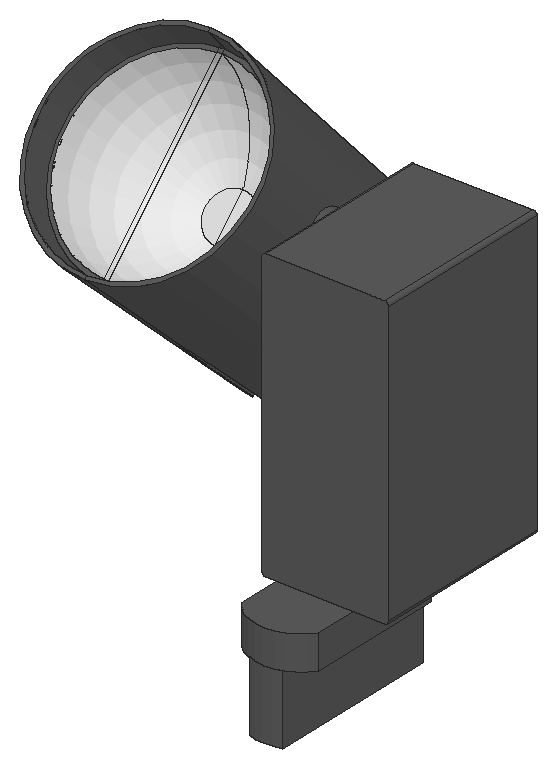
Revit family "0004838 Feilo Sylvania Lighting Fixture START TRACK SPOT S 24W 3K RA80 NB BLACK", category Lighting Fixtures, host Face, Revit 2017
Family settings
  Host = Face
  Round Connector Dimension = Use Diameter
  Part Type = Normal
  OmniClass Number = 23.80.70.00
  OmniClass Title = Lighting
  Cut with Voids When Loaded = No
  Light Source = No
  Shared = No
  Room Calculation Point = No
Parameters (values of type "0004838 START TRACK SPOT S 24W 3K RA80 NB BLACK")
  Weight = "0.966 kg"
  Wattage Comments = ""
  WarrantyStartDate [instance] = "n/a"
  WarrantyGuarantorParts = "n/a"
  WarrantyDurationUnit = "n/a"
  WarrantyDurationParts = "n/a"
  WarrantyDescription = "n/a"
  Voltage = 230 V
  URL = "http://www.sylvania-lighting.com"
  TypeName = "START TRACK SPOT S 24W 3K RA80 NB BLACK"
  TypeHead_FEILO = Start Track Spot Head : 0004838 START TRACK SPOT S 24W 3K RA80 NB BLACK
  TypeBox_FEILO = Start Track Spot Box : Type Small Black
  Type Image = <None>
  Type Comments = "n/a"
  VerticalRotation_FEILO [instance] = 0.00°
  SlideEndAngle_FEILO [instance] = VerticalRotation_FEILO + 180.00°  # 180.00°
  SerialNumber [instance] = "n/a"
  Material_3_FEILO = none
  PowerFactor = 0.95
  PowerConsumption = "24 W"
  NominalLength = 0 mm
  NominalHeight = 200 mm
  NominalDepth = 140 mm
  Name = "START TRACK SPOT S 24W 3K RA80 NB BLACK"
  ModelReference = Name  # "START TRACK SPOT S 24W 3K RA80 NB BLACK"
  ModelNumber = "0004838"
  Model = Name  # "START TRACK SPOT S 24W 3K RA80 NB BLACK"
  Material = "adc12 aluminium housing, polycarbonate diffuser"
  ManufacturerName = "Feilo Sylvania"
  Manufacturer = "Feilo Sylvania"
  LuminousEfficacy = "97 lm/W"
  LuminaireType = ""
  LightOutputRatio = "100"
  LampsType = Lamp  # "LED"
  LampNominalLuminous = "2334 lm"
  LampMacAdamStep = "3"
  LampColourTemperature = "3000 K"
  LampColourRenderingIndex = "80"
  Lamp = "LED"
  Keynote = "16500"
  InstallationDate [instance] = "n/a"
  InputVoltage = "230-240V~"
  InputNominalFrequency = "50/60 Hz"
  IngressProtection = "IP20"
  ImpactProtectionIndex = "IK02"
  IfcExportType = "IfcLightFixtureType"
  IfcExportAs = "IfcLightFixtureType"
  HorizontalRotation_FEILO [instance] = 45.00°
  ExpectedLife = 50000
  ElectricShockClassification = "Class II"
  DurationUnit = "hours"
  DocumentationLiterature = "http://www.sylvania-lighting.com/product/en-int/products/0004838"
  DimmingControlOptions = "Non dimmable"
  Material_2_FEILO = none
  Description = "Integrated LED spotlight, Textured Black - RAL9005, compact and minimalist design, ideal for retail applications, die-cast aluminium body, passive cooling heatsink. Beam angle: 12°, color temperature: 3000K , total system power: 24W, total fixture output: 2334 lm, LOR: 100%, colour rendering: Ra: 80 typical, LED Chromaticity: 3 step MacAdam ellipse, lifetime: >50000 hours at L70B50, energy class: A++, A+, A, IR/UV free light source without heat radiation, operating voltage: 220-240V / 50-60Hz, drive current: 600mA, electronic driver, non-dimmable, power factor: 0.95, electrical protection: Class II, Global Track 3 Phase adapter suitable for Global trac 3-circuit tracks, ingress protection rating: IP20, suitable for internal environment only, horizontal rotation: 355°, vertical tilt: 90°, dimensions: Ø86x140x200, weight: 0.966kg."
  Default Elevation = 1219.2 mm
  CreatedOn = "12/12/2017"
  CreatedBy = ""
  Cost = 0
  built-in parameter 1114216 [instance] = (empty or 0)
  ClassificationValue = "EF_70_80"
  ClassificationName = "Uniclass2015"
  Material_1_FEILO = Body-Sylvania-StartTrackSpot-Black
  BarCode [instance] = "n/a"
  AssetType = "Fixed"
  AssetIdentifier [instance] = "n/a"
  Assembly Code = "D5020200"
  Apparent Load = 24 VA
  Material_4_FEILO = none
Reference planes
  plane 1 "Center (Front/Back)": y = 0
  plane 2: z = 0
  plane 3 "Center (Left/Right)": x = 0
  plane 4: x = 15
  plane 5: x = -15
  plane 6: y = 35
  plane 7: y = -35
  plane 8: z = 13
  plane 9: z = -27
  plane 10: x = 6.5
  plane 11: x = -6.5
  plane 12: y = 27
  plane 13: y = -27
  plane 14: y = 20
Forms (mm)
  Extrusion 1, solid, material "Body-Sylvania-StartTrackSpot-Black" <- "Material_1_FEILO"
    sketch origin (0, 0, 0) x (1, 0, 0) y (0, 1, 0)
      loop
        line (-15, 27) -> (-15, -27)
        arc (-15, -27) -> (0, -35) -> (15, -27) r 18.062
        line (15, -27) -> (15, 27)
        arc (15, 27) -> (0, 35) -> (-15, 27) r 18.062
    from 0 to 13
  Extrusion 2, solid, material "Body-Sylvania-StartTrackSpot-Black" <- "Material_1_FEILO"
    sketch origin (0, 0, 0) x (1, 0, 0) y (0, 1, 0)
      loop
        arc (6.5, 33.79) -> (0, 35) -> (-6.5, 33.79) r 18.062
        line (-6.5, 33.79) -> (-6.5, -33.79)
        arc (-6.5, -33.79) -> (0, -35) -> (6.5, -33.79) r 18.062
        line (6.5, -33.79) -> (6.5, 33.79)
    from 0 to -27
  Revolve 3, solid, not visible
    sketch origin (1524, 20, 1219.2) x (1, 0, 0) y (0, 0, 1)
      loop
        line (-1524, -1206.2) -> (-1524, -1191.285) -> (-1530.5, -1191.285) -> (-1530.5, -1206.2) -> (-1524, -1206.2)
      axis (-1524, -1191.285) -> (-1524, -1206.2)
    angle from 0 <- "VerticalRotation_FEILO" to 180 <- "SlideEndAngle_FEILO"
Cuts and joins
  joined: Extrusion 1, Extrusion 2
Dimensions and locks
  equal spacing: plane 10, plane 3 "Center (Left/Right)", plane 11
  equal spacing: plane 4, plane 3 "Center (Left/Right)", plane 5
  locked: plane 8 to plane 2 at 13
  locked: plane 8 to plane 9 at 40
  equal spacing: plane 13, plane 1 "Center (Front/Back)", plane 12
  locked: plane 12 to plane 6 at 8
  locked: plane 14 to plane 6 at 15
  locked: Revolve 3 sketch curve to plane 8 at 14.915
  aligned and locked: plane 2 to host face
  aligned and locked: level to host face
  aligned and locked: plane 5 to Extrusion 1 sketch curve  (x2)
  aligned and locked: plane 12 to Extrusion 1 sketch curve
  aligned and locked: plane 13 to Extrusion 1 sketch curve
  aligned and locked: plane 4 to Extrusion 1 sketch curve
  aligned and locked: Extrusion 1 to plane 8
  aligned and locked: Extrusion 1 to level
  aligned and locked: Extrusion 2 sketch curve to Extrusion 1  (x2)
  aligned and locked: Extrusion 2 sketch curve to plane 11
  aligned and locked: plane 10 to Extrusion 2 sketch curve
  aligned and locked: plane 9 to Extrusion 2
  aligned and locked: level to Extrusion 2
  aligned and locked: Revolve 3 sketch curve to plane 3 "Center (Left/Right)"  (x2)
  aligned and locked: plane 11 to Revolve 3 sketch curve
  aligned and locked: Revolve 3 sketch curve to plane 8
Automatic sketch dimensions
  host sketch curve to host sketch curve = 2438.4 mm  (x2)
  Extrusion 1 sketch curve to plane 3 "Center (Left/Right)" = 0 mm  (x2)
  Extrusion 1 sketch curve to plane 13 = 10.062 mm
  plane 12 to Extrusion 1 sketch curve = 10.062 mm
  Revolve 3 sketch curve to plane 3 "Center (Left/Right)" = 0 mm
  plane 9 to Revolve 3 sketch curve = 582.6 mm
  Revolve 3 sketch curve to Revolve 3 sketch curve = 2581.144 mm
Nested families
  nested 1: "Start Track Spot Head" at (-62, 20, 112.529) x (0, 0.7071, 0.7071) z (0, 0.7071, -0.7071), type <- "TypeHead_FEILO", type "0004838 START TRACK SPOT S 24W 3K RA80 NB BLACK"
    with built-in parameter 1114216 (empty or 0)
  nested 2: "Start Track Spot Box" at (8.5, 20, 73) x (-1, 0, 0) z (0, -1, 0), BoxStartAngle_FEILO <- "HorizontalRotation_FEILO", type <- "TypeBox_FEILO", type "Type Small Black"
    with BoxStartAngle_FEILO 45.00°, BoxEndAngle_FEILO -135.00°
Connectors
  electrical at (0, 0, 0), driven by "Apparent Load", driven by "PowerFactor", driven by "Voltage"
    settings: index 1, voltage 230 V, apparent load 24 VA, apparent load phase1 0 VA, apparent load phase2 0 VA, apparent load phase3 0 VA, power factor 0.95, load classification "Lighting", number of poles 1, system type 30, power factor state 1, is connector primary yes, connector utility no, sub classification motor no, connector description ""
Definition of nested family "Start Track Spot Head"
  Parameters (values of type "0004811 START TRACK SPOT S 14W 3K RA80 NB WHITE")
    Wattage Comments = "n/a"
    Wattage = 14 W
    built-in parameter 1150110 = 1 (stored number, unit not read)
    URL = "http://www.feilosylvania.com"
    Type Image = (empty or 0)
    Type Comments = "n/a"
    built-in parameter 1114217 = 1 (stored number, unit not read)
    Tilt Angle = -90.00°
    built-in parameter 1150109 = 1 (stored number, unit not read)
    built-in parameter 1150134 = (empty or 0)
    built-in parameter 1150113 = 1 (stored number, unit not read)
    Photometric Web File = "0004811.ies"
    Material_3_FEILO = none
    Model = "START TRACK SPOT S 14W 3K RA80 NB WHITE"
    Manufacturer = "Feilo Sylvania"
    built-in parameter 1150105 = 123.66 (stored number, unit not read)
    Lumens = 1554 lm
    built-in parameter 1150115 = 1 (stored number, unit not read)
    built-in parameter 1150137 = (empty or 0)
    built-in parameter 1150139 = (empty or 0)
    built-in parameter 1150112 = 1 (stored number, unit not read)
    built-in parameter 1150114 = 1 (stored number, unit not read)
    Lamp = "LED"
    Keynote = "16500"
    Material_2_FEILO = none
    built-in parameter 1150132 = (empty or 0)
    built-in parameter 1150102 = (empty or 0)
    built-in parameter 1150107 = 3000 (stored number, unit not read)
    built-in parameter 1150138 = (empty or 0)
    built-in parameter 1150106 = 1.2366 (stored number, unit not read)
    HeadThickness_FEILO = if(HeadDiaOut_FEILO > 112 mm, 2 mm, 1.5 mm)  # 1.5 mm
    HeadRibOffset_FEILO = HeadHeight_FEILO / 28  # 4.179 mm
    HeadRibDepth_FEILO = HeadHeight_FEILO / 2.1  # 55.714 mm
    HeadRibCutWidth_FEILO = HeadDiaOut_FEILO / 12  # 7.167 mm
    HeadRibCutOffset_FEILO = HeadHeight_FEILO / 2.3  # 50.87 mm
    HeadReflectorRadius_FEILO = HeadDiaOut_FEILO / 1.7  # 50.588 mm
    HeadReflectorOffset_FEILO = HeadHeight_FEILO / 2.1  # 55.714 mm
    HeadLEDRadius_FEILO = HeadDiaOut_FEILO / 9  # 9.556 mm
    HeadHeight_FEILO = 117 mm
    HeadDraft_FEILO = 1 mm
    HeadDiffusorThickness_FEILO = 3 mm
    HeadDiffusorOffset_FEILO = HeadHeight_FEILO / 12.4  # 9.435 mm
    HeadDiaOut_FEILO = 86 mm
    HeadDiaIn_FEILO = HeadDiaOut_FEILO / 1.11  # 77.477 mm
    HeadAxisFromTop_FEILO = HeadHeight_FEILO / 1.687  # 69.354 mm
    Emit from Circle Diameter = HeadDiaIn_FEILO  # 77.477 mm
    Emit Shape Visible in Rendering = no
    built-in parameter 1150104 = 10.312 (stored number, unit not read)
    Dimming Lamp Color Temperature Shift = (empty or 0)
    Description = "Integrated LED spotlight, Textured White - RAL9016, compact and minimalist design, ideal for retail applications, die-cast aluminium body, passive cooling heatsink. Beam angle: 12°, color temperature: 3000K , total system power: 14W, total fixture output: 1551 lm, LOR: 100%, colour rendering: Ra: 80 typical, LED Chromaticity: 3 step MacAdam ellipse, lifetime: >50000 hours at L70B50, energy class: A++, A+, A, IR/UV free light source without heat radiation, operating voltage: 220-240V / 50-60Hz, drive current: 350mA, electronic driver, non-dimmable, power factor: 0.92, electrical protection: Class II, Global Track 3 Phase adapter suitable for Global trac 3-circuit tracks, ingress protection rating: IP20, suitable for internal environment only, horizontal rotation: 355°, vertical tilt: 90°, dimensions: Ø86x140x200, weight: 0.940kg."
    Default Elevation = 1219.2 mm
    Cost = 0
    Color Filter = 16777215
    built-in parameter 1114216 [instance] = (empty or 0)
    Material_1_FEILO = none
    built-in parameter 1114218 = 1 (stored number, unit not read)
    built-in parameter 1150133 = 10 (stored number, unit not read)
    Assembly Code = "D5020200"
    Apparent Load = 14 VA
    Material_4_FEILO = none
  Types (96, lengths in mm): name | Wattage | built-in parameter 1150134 | Photometric Web File | Model | built-in parameter 1150105 | Lumens | built-in parameter 1150107 | built-in parameter 1150106 | HeadThickness_FEILO | HeadRibOffset_FEILO | HeadRibDepth_FEILO | HeadRibCutWidth_FEILO | HeadRibCutOffset_FEILO | HeadReflectorRadius_FEILO | HeadReflectorOffset_FEILO | HeadLEDRadius_FEILO | HeadHeight_FEILO | HeadDiffusorOffset_FEILO | HeadDiaOut_FEILO | HeadDiaIn_FEILO | HeadAxisFromTop_FEILO | Emit from Circle Diameter | built-in parameter 1150104 | Description | Apparent Load
    0004906 START TRACK SPOT L 55W 4K RA90 WB BLACK | 55 W | 12 | "0004906.ies" | "START TRACK SPOT L 55W 4K RA90 WB BLACK" | 385.15 (stored number, unit not read) | 4840 lm | 4000 (stored number, unit not read) | 3.8515 (stored number, unit not read) | 2 | 4.429 | 59.048 | 9.417 | 53.913 | 66.471 | 59.048 | 12.556 | 124 | 10 | 113 | 101.802 | 73.503 | 101.802 | 8.1755 (stored number, unit not read) | "Integrated LED spotlight, Textured Black - RAL9005, compact and minimalist design, ideal for retail applications, die-cast aluminium body, passive cooling heatsink. Beam angle: 52°, color temperature: 4000K , total system power: 55W, total fixture output: 4824 lm, LOR: 100%, colour rendering: Ra: 90 typical, LED Chromaticity: 3 step MacAdam ellipse, lifetime: >50000 hours at L70B50, energy class: A++, A+, A, IR/UV free light source without heat radiation, operating voltage: 220-240V / 50-60Hz, drive current: 1400mA, electronic driver, non-dimmable, power factor: 0.96, electrical protection: Class II, Global Track 3 Phase adapter suitable for Global trac 3-circuit tracks, ingress protection rating: IP20, suitable for internal environment only, horizontal rotation: 355°, vertical tilt: 90°, dimensions: Ø113x164x240, weight: 1.398kg." | 55 VA
    0004905 START TRACK SPOT L 55W 4K RA90 MB BLACK | 55 W | 12 | "0004905.ies" | "START TRACK SPOT L 55W 4K RA90 MB BLACK" | 389.53 (stored number, unit not read) | 4895 lm | 4000 (stored number, unit not read) | 3.8953 (stored number, unit not read) | 2 | 4.429 | 59.048 | 9.417 | 53.913 | 66.471 | 59.048 | 12.556 | 124 | 10 | 113 | 101.802 | 73.503 | 101.802 | 8.2684 (stored number, unit not read) | "Integrated LED spotlight, Textured Black - RAL9005, compact and minimalist design, ideal for retail applications, die-cast aluminium body, passive cooling heatsink. Beam angle: 38°, color temperature: 4000K , total system power: 55W, total fixture output: 4897 lm, LOR: 100%, colour rendering: Ra: 90 typical, LED Chromaticity: 3 step MacAdam ellipse, lifetime: >50000 hours at L70B50, energy class: A++, A+, A, IR/UV free light source without heat radiation, operating voltage: 220-240V / 50-60Hz, drive current: 1400mA, electronic driver, non-dimmable, power factor: 0.96, electrical protection: Class II, Global Track 3 Phase adapter suitable for Global trac 3-circuit tracks, ingress protection rating: IP20, suitable for internal environment only, horizontal rotation: 355°, vertical tilt: 90°, dimensions: Ø113x164x240, weight: 1.398kg." | 55 VA
    0004904 START TRACK SPOT L 55W 4K RA90 NB BLACK | 55 W | 12 | "0004904.ies" | "START TRACK SPOT L 55W 4K RA90 NB BLACK" | 393.91 (stored number, unit not read) | 4950 lm | 4000 (stored number, unit not read) | 3.9391 (stored number, unit not read) | 2 | 4.429 | 59.048 | 9.417 | 53.913 | 66.471 | 59.048 | 12.556 | 124 | 10 | 113 | 101.802 | 73.503 | 101.802 | 8.3613 (stored number, unit not read) | "Integrated LED spotlight, Textured Black - RAL9005, compact and minimalist design, ideal for retail applications, die-cast aluminium body, passive cooling heatsink. Beam angle: 15°, color temperature: 4000K , total system power: 55W, total fixture output: 4965 lm, LOR: 100%, colour rendering: Ra: 90 typical, LED Chromaticity: 3 step MacAdam ellipse, lifetime: >50000 hours at L70B50, energy class: A++, A+, A, IR/UV free light source without heat radiation, operating voltage: 220-240V / 50-60Hz, drive current: 1400mA, electronic driver, non-dimmable, power factor: 0.96, electrical protection: Class II, Global Track 3 Phase adapter suitable for Global trac 3-circuit tracks, ingress protection rating: IP20, suitable for internal environment only, horizontal rotation: 355°, vertical tilt: 90°, dimensions: Ø113x164x240, weight: 1.398kg." | 55 VA
    0004903 START TRACK SPOT L 35W 4K RA90 WB BLACK | 35 W | 12 | "0004903.ies" | "START TRACK SPOT L 35W 4K RA90 WB BLACK" | 284.09 (stored number, unit not read) | 3570 lm | 4000 (stored number, unit not read) | 2.8409 (stored number, unit not read) | 2 | 4.429 | 59.048 | 9.417 | 53.913 | 66.471 | 59.048 | 12.556 | 124 | 10 | 113 | 101.802 | 73.503 | 101.802 | 9.4761 (stored number, unit not read) | "Integrated LED spotlight, Textured Black - RAL9005, compact and minimalist design, ideal for retail applications, die-cast aluminium body, passive cooling heatsink. Beam angle: 52°, color temperature: 4000K , total system power: 35W, total fixture output: 3562 lm, LOR: 100%, colour rendering: Ra: 90 typical, LED Chromaticity: 3 step MacAdam ellipse, lifetime: >50000 hours at L70B50, energy class: A++, A+, A, IR/UV free light source without heat radiation, operating voltage: 220-240V / 50-60Hz, drive current: 900mA, electronic driver, non-dimmable, power factor: 0.93, electrical protection: Class II, Global Track 3 Phase adapter suitable for Global trac 3-circuit tracks, ingress protection rating: IP20, suitable for internal environment only, horizontal rotation: 355°, vertical tilt: 90°, dimensions: Ø113x164x240, weight: 1.368kg." | 35 VA
    0004902 START TRACK SPOT L 35W 4K RA90 MB BLACK | 35 W | 12 | "0004902.ies" | "START TRACK SPOT L 35W 4K RA90 MB BLACK" | 286.88 (stored number, unit not read) | 3605 lm | 4000 (stored number, unit not read) | 2.8688 (stored number, unit not read) | 2 | 4.429 | 59.048 | 9.417 | 53.913 | 66.471 | 59.048 | 12.556 | 124 | 10 | 113 | 101.802 | 73.503 | 101.802 | 9.569 (stored number, unit not read) | "Integrated LED spotlight, Textured Black - RAL9005, compact and minimalist design, ideal for retail applications, die-cast aluminium body, passive cooling heatsink. Beam angle: 38°, color temperature: 4000K , total system power: 35W, total fixture output: 3616 lm, LOR: 100%, colour rendering: Ra: 90 typical, LED Chromaticity: 3 step MacAdam ellipse, lifetime: >50000 hours at L70B50, energy class: A++, A+, A, IR/UV free light source without heat radiation, operating voltage: 220-240V / 50-60Hz, drive current: 900mA, electronic driver, non-dimmable, power factor: 0.93, electrical protection: Class II, Global Track 3 Phase adapter suitable for Global trac 3-circuit tracks, ingress protection rating: IP20, suitable for internal environment only, horizontal rotation: 355°, vertical tilt: 90°, dimensions: Ø113x164x240, weight: 1.368kg." | 35 VA
    0004901 START TRACK SPOT L 35W 4K RA90 NB BLACK | 35 W | 12 | "0004901.ies" | "START TRACK SPOT L 35W 4K RA90 NB BLACK" | 286.88 (stored number, unit not read) | 3605 lm | 4000 (stored number, unit not read) | 2.8688 (stored number, unit not read) | 2 | 4.429 | 59.048 | 9.417 | 53.913 | 66.471 | 59.048 | 12.556 | 124 | 10 | 113 | 101.802 | 73.503 | 101.802 | 9.569 (stored number, unit not read) | "Integrated LED spotlight, Textured Black - RAL9005, compact and minimalist design, ideal for retail applications, die-cast aluminium body, passive cooling heatsink. Beam angle: 15°, color temperature: 4000K , total system power: 35W, total fixture output: 3593 lm, LOR: 100%, colour rendering: Ra: 90 typical, LED Chromaticity: 3 step MacAdam ellipse, lifetime: >50000 hours at L70B50, energy class: A++, A+, A, IR/UV free light source without heat radiation, operating voltage: 220-240V / 50-60Hz, drive current: 900mA, electronic driver, non-dimmable, power factor: 0.93, electrical protection: Class II, Global Track 3 Phase adapter suitable for Global trac 3-circuit tracks, ingress protection rating: IP20, suitable for internal environment only, horizontal rotation: 355°, vertical tilt: 90°, dimensions: Ø113x164x240, weight: 1.368kg." | 35 VA
    0004900 START TRACK SPOT S 24W 4K RA90 WB BLACK | 24 W | 12 | "0004900.ies" | "START TRACK SPOT S 24W 4K RA90 WB BLACK" | 166.16 (stored number, unit not read) | 2088 lm | 4000 (stored number, unit not read) | 1.6616 (stored number, unit not read) | 1.5 | 4.179 | 55.714 | 7.167 | 50.87 | 50.588 | 55.714 | 9.556 | 117 | 9.435 | 86 | 77.477 | 69.354 | 77.477 | 8.0826 (stored number, unit not read) | "Integrated LED spotlight, Textured Black - RAL9005, compact and minimalist design, ideal for retail applications, die-cast aluminium body, passive cooling heatsink. Beam angle: 64°, color temperature: 4000K , total system power: 24W, total fixture output: 2087 lm, LOR: 100%, colour rendering: Ra: 90 typical, LED Chromaticity: 3 step MacAdam ellipse, lifetime: >50000 hours at L70B50, energy class: A++, A+, A, IR/UV free light source without heat radiation, operating voltage: 220-240V / 50-60Hz, drive current: 600mA, electronic driver, non-dimmable, power factor: 0.95, electrical protection: Class II, Global Track 3 Phase adapter suitable for Global trac 3-circuit tracks, ingress protection rating: IP20, suitable for internal environment only, horizontal rotation: 355°, vertical tilt: 90°, dimensions: Ø86x140x200, weight: 0.966kg." | 24 VA
    0004899 START TRACK SPOT S 24W 4K RA90 MB BLACK | 24 W | 12 | "0004899.ies" | "START TRACK SPOT S 24W 4K RA90 MB BLACK" | 169.98 (stored number, unit not read) | 2136 lm | 4000 (stored number, unit not read) | 1.6998 (stored number, unit not read) | 1.5 | 4.179 | 55.714 | 7.167 | 50.87 | 50.588 | 55.714 | 9.556 | 117 | 9.435 | 86 | 77.477 | 69.354 | 77.477 | 8.2684 (stored number, unit not read) | "Integrated LED spotlight, Textured Black - RAL9005, compact and minimalist design, ideal for retail applications, die-cast aluminium body, passive cooling heatsink. Beam angle: 36°, color temperature: 4000K , total system power: 24W, total fixture output: 2141 lm, LOR: 100%, colour rendering: Ra: 90 typical, LED Chromaticity: 3 step MacAdam ellipse, lifetime: >50000 hours at L70B50, energy class: A++, A+, A, IR/UV free light source without heat radiation, operating voltage: 220-240V / 50-60Hz, drive current: 600mA, electronic driver, non-dimmable, power factor: 0.95, electrical protection: Class II, Global Track 3 Phase adapter suitable for Global trac 3-circuit tracks, ingress protection rating: IP20, suitable for internal environment only, horizontal rotation: 355°, vertical tilt: 90°, dimensions: Ø86x140x200, weight: 0.966kg." | 24 VA
    0004898 START TRACK SPOT S 24W 4K RA90 NB BLACK | 24 W | 12 | "0004898.ies" | "START TRACK SPOT S 24W 4K RA90 NB BLACK" | 171.89 (stored number, unit not read) | 2160 lm | 4000 (stored number, unit not read) | 1.7189 (stored number, unit not read) | 1.5 | 4.179 | 55.714 | 7.167 | 50.87 | 50.588 | 55.714 | 9.556 | 117 | 9.435 | 86 | 77.477 | 69.354 | 77.477 | 8.3613 (stored number, unit not read) | "Integrated LED spotlight, Textured Black - RAL9005, compact and minimalist design, ideal for retail applications, die-cast aluminium body, passive cooling heatsink. Beam angle: 12°, color temperature: 4000K , total system power: 24W, total fixture output: 2155 lm, LOR: 100%, colour rendering: Ra: 90 typical, LED Chromaticity: 3 step MacAdam ellipse, lifetime: >50000 hours at L70B50, energy class: A++, A+, A, IR/UV free light source without heat radiation, operating voltage: 220-240V / 50-60Hz, drive current: 600mA, electronic driver, non-dimmable, power factor: 0.95, electrical protection: Class II, Global Track 3 Phase adapter suitable for Global trac 3-circuit tracks, ingress protection rating: IP20, suitable for internal environment only, horizontal rotation: 355°, vertical tilt: 90°, dimensions: Ø86x140x200, weight: 0.966kg." | 24 VA
    0004897 START TRACK SPOT S 14W 4K RA90 WB BLACK | 14 W | 12 | "0004897.ies" | "START TRACK SPOT S 14W 4K RA90 WB BLACK" | 108.07 (stored number, unit not read) | 1358 lm | 4000 (stored number, unit not read) | 1.0807 (stored number, unit not read) | 1.5 | 4.179 | 55.714 | 7.167 | 50.87 | 50.588 | 55.714 | 9.556 | 117 | 9.435 | 86 | 77.477 | 69.354 | 77.477 | 9.0116 (stored number, unit not read) | "Integrated LED spotlight, Textured Black - RAL9005, compact and minimalist design, ideal for retail applications, die-cast aluminium body, passive cooling heatsink. Beam angle: 64°, color temperature: 4000K , total system power: 14W, total fixture output: 1352 lm, LOR: 100%, colour rendering: Ra: 90 typical, LED Chromaticity: 3 step MacAdam ellipse, lifetime: >50000 hours at L70B50, energy class: A++, A+, A, IR/UV free light source without heat radiation, operating voltage: 220-240V / 50-60Hz, drive current: 350mA, electronic driver, non-dimmable, power factor: 0.92, electrical protection: Class II, Global Track 3 Phase adapter suitable for Global trac 3-circuit tracks, ingress protection rating: IP20, suitable for internal environment only, horizontal rotation: 355°, vertical tilt: 90°, dimensions: Ø86x140x200, weight: 0.940kg." | 14 VA
    0004896 START TRACK SPOT S 14W 4K RA90 MB BLACK | 14 W | 12 | "0004896.ies" | "START TRACK SPOT S 14W 4K RA90 MB BLACK" | 108.07 (stored number, unit not read) | 1358 lm | 4000 (stored number, unit not read) | 1.0807 (stored number, unit not read) | 1.5 | 4.179 | 55.714 | 7.167 | 50.87 | 50.588 | 55.714 | 9.556 | 117 | 9.435 | 86 | 77.477 | 69.354 | 77.477 | 9.0116 (stored number, unit not read) | "Integrated LED spotlight, Textured Black - RAL9005, compact and minimalist design, ideal for retail applications, die-cast aluminium body, passive cooling heatsink. Beam angle: 36°, color temperature: 4000K , total system power: 14W, total fixture output: 1359 lm, LOR: 100%, colour rendering: Ra: 90 typical, LED Chromaticity: 3 step MacAdam ellipse, lifetime: >50000 hours at L70B50, energy class: A++, A+, A, IR/UV free light source without heat radiation, operating voltage: 220-240V / 50-60Hz, drive current: 350mA, electronic driver, non-dimmable, power factor: 0.92, electrical protection: Class II, Global Track 3 Phase adapter suitable for Global trac 3-circuit tracks, ingress protection rating: IP20, suitable for internal environment only, horizontal rotation: 355°, vertical tilt: 90°, dimensions: Ø86x140x200, weight: 0.940kg." | 14 VA
    0004895 START TRACK SPOT S 14W 4K RA90 NB BLACK | 14 W | 12 | "0004895.ies" | "START TRACK SPOT S 14W 4K RA90 NB BLACK" | 106.95 (stored number, unit not read) | 1344 lm | 4000 (stored number, unit not read) | 1.0695 (stored number, unit not read) | 1.5 | 4.179 | 55.714 | 7.167 | 50.87 | 50.588 | 55.714 | 9.556 | 117 | 9.435 | 86 | 77.477 | 69.354 | 77.477 | 8.9187 (stored number, unit not read) | "Integrated LED spotlight, Textured Black - RAL9005, compact and minimalist design, ideal for retail applications, die-cast aluminium body, passive cooling heatsink. Beam angle: 12°, color temperature: 4000K , total system power: 14W, total fixture output: 1349 lm, LOR: 100%, colour rendering: Ra: 90 typical, LED Chromaticity: 3 step MacAdam ellipse, lifetime: >50000 hours at L70B50, energy class: A++, A+, A, IR/UV free light source without heat radiation, operating voltage: 220-240V / 50-60Hz, drive current: 350mA, electronic driver, non-dimmable, power factor: 0.92, electrical protection: Class II, Global Track 3 Phase adapter suitable for Global trac 3-circuit tracks, ingress protection rating: IP20, suitable for internal environment only, horizontal rotation: 355°, vertical tilt: 90°, dimensions: Ø86x140x200, weight: 0.940kg." | 14 VA
    0004894 START TRACK SPOT L 55W 3K RA90 WB BLACK | 55 W | (empty or 0) | "0004894.ies" | "START TRACK SPOT L 55W 3K RA90 WB BLACK" | 350.14 (stored number, unit not read) | 4400 lm | 3000 (stored number, unit not read) | 3.5014 (stored number, unit not read) | 2 | 4.429 | 59.048 | 9.417 | 53.913 | 66.471 | 59.048 | 12.556 | 124 | 10 | 113 | 101.802 | 73.503 | 101.802 | 7.4322 (stored number, unit not read) | "Integrated LED spotlight, Textured Black - RAL9005, compact and minimalist design, ideal for retail applications, die-cast aluminium body, passive cooling heatsink. Beam angle: 52°, color temperature: 3000K , total system power: 55W, total fixture output: 4405 lm, LOR: 100%, colour rendering: Ra: 90 typical, LED Chromaticity: 3 step MacAdam ellipse, lifetime: >50000 hours at L70B50, energy class: A++, A+, A, IR/UV free light source without heat radiation, operating voltage: 220-240V / 50-60Hz, drive current: 1400mA, electronic driver, non-dimmable, power factor: 0.96, electrical protection: Class II, Global Track 3 Phase adapter suitable for Global trac 3-circuit tracks, ingress protection rating: IP20, suitable for internal environment only, horizontal rotation: 355°, vertical tilt: 90°, dimensions: Ø113x164x240, weight: 1.398kg." | 55 VA
    0004893 START TRACK SPOT L 55W 3K RA90 MB BLACK | 55 W | (empty or 0) | "0004893.ies" | "START TRACK SPOT L 55W 3K RA90 MB BLACK" | 354.52 (stored number, unit not read) | 4455 lm | 3000 (stored number, unit not read) | 3.5452 (stored number, unit not read) | 2 | 4.429 | 59.048 | 9.417 | 53.913 | 66.471 | 59.048 | 12.556 | 124 | 10 | 113 | 101.802 | 73.503 | 101.802 | 7.5251 (stored number, unit not read) | "Integrated LED spotlight, Textured Black - RAL9005, compact and minimalist design, ideal for retail applications, die-cast aluminium body, passive cooling heatsink. Beam angle: 38°, color temperature: 3000K , total system power: 55W, total fixture output: 4448 lm, LOR: 100%, colour rendering: Ra: 90 typical, LED Chromaticity: 3 step MacAdam ellipse, lifetime: >50000 hours at L70B50, energy class: A++, A+, A, IR/UV free light source without heat radiation, operating voltage: 220-240V / 50-60Hz, drive current: 1400mA, electronic driver, non-dimmable, power factor: 0.96, electrical protection: Class II, Global Track 3 Phase adapter suitable for Global trac 3-circuit tracks, ingress protection rating: IP20, suitable for internal environment only, horizontal rotation: 355°, vertical tilt: 90°, dimensions: Ø113x164x240, weight: 1.398kg." | 55 VA
    0004892 START TRACK SPOT L 55W 3K RA90 NB BLACK | 55 W | (empty or 0) | "0004892.ies" | "START TRACK SPOT L 55W 3K RA90 NB BLACK" | 350.14 (stored number, unit not read) | 4400 lm | 3000 (stored number, unit not read) | 3.5014 (stored number, unit not read) | 2 | 4.429 | 59.048 | 9.417 | 53.913 | 66.471 | 59.048 | 12.556 | 124 | 10 | 113 | 101.802 | 73.503 | 101.802 | 7.4322 (stored number, unit not read) | "Integrated LED spotlight, Textured Black - RAL9005, compact and minimalist design, ideal for retail applications, die-cast aluminium body, passive cooling heatsink. Beam angle: 15°, color temperature: 3000K , total system power: 55W, total fixture output: 4416 lm, LOR: 100%, colour rendering: Ra: 90 typical, LED Chromaticity: 3 step MacAdam ellipse, lifetime: >50000 hours at L70B50, energy class: A++, A+, A, IR/UV free light source without heat radiation, operating voltage: 220-240V / 50-60Hz, drive current: 1400mA, electronic driver, non-dimmable, power factor: 0.96, electrical protection: Class II, Global Track 3 Phase adapter suitable for Global trac 3-circuit tracks, ingress protection rating: IP20, suitable for internal environment only, horizontal rotation: 355°, vertical tilt: 90°, dimensions: Ø113x164x240, weight: 1.398kg." | 55 VA
    0004891 START TRACK SPOT L 35W 3K RA90 WB BLACK | 35 W | (empty or 0) | "0004891.ies" | "START TRACK SPOT L 35W 3K RA90 WB BLACK" | 259.02 (stored number, unit not read) | 3255 lm | 3000 (stored number, unit not read) | 2.5902 (stored number, unit not read) | 2 | 4.429 | 59.048 | 9.417 | 53.913 | 66.471 | 59.048 | 12.556 | 124 | 10 | 113 | 101.802 | 73.503 | 101.802 | 8.64 (stored number, unit not read) | "Integrated LED spotlight, Textured Black - RAL9005, compact and minimalist design, ideal for retail applications, die-cast aluminium body, passive cooling heatsink. Beam angle: 52°, color temperature: 3000K , total system power: 35W, total fixture output: 3260 lm, LOR: 100%, colour rendering: Ra: 90 typical, LED Chromaticity: 3 step MacAdam ellipse, lifetime: >50000 hours at L70B50, energy class: A++, A+, A, IR/UV free light source without heat radiation, operating voltage: 220-240V / 50-60Hz, drive current: 900mA, electronic driver, non-dimmable, power factor: 0.93, electrical protection: Class II, Global Track 3 Phase adapter suitable for Global trac 3-circuit tracks, ingress protection rating: IP20, suitable for internal environment only, horizontal rotation: 355°, vertical tilt: 90°, dimensions: Ø113x164x240, weight: 1.368kg." | 35 VA
    0004890 START TRACK SPOT L 35W 3K RA90 MB BLACK | 35 W | (empty or 0) | "0004890.ies" | "START TRACK SPOT L 35W 3K RA90 MB BLACK" | 261.81 (stored number, unit not read) | 3290 lm | 3000 (stored number, unit not read) | 2.6181 (stored number, unit not read) | 2 | 4.429 | 59.048 | 9.417 | 53.913 | 66.471 | 59.048 | 12.556 | 124 | 10 | 113 | 101.802 | 73.503 | 101.802 | 8.7329 (stored number, unit not read) | "Integrated LED spotlight, Textured Black - RAL9005, compact and minimalist design, ideal for retail applications, die-cast aluminium body, passive cooling heatsink. Beam angle: 38°, color temperature: 3000K , total system power: 35W, total fixture output: 3306 lm, LOR: 100%, colour rendering: Ra: 90 typical, LED Chromaticity: 3 step MacAdam ellipse, lifetime: >50000 hours at L70B50, energy class: A++, A+, A, IR/UV free light source without heat radiation, operating voltage: 220-240V / 50-60Hz, drive current: 900mA, electronic driver, non-dimmable, power factor: 0.93, electrical protection: Class II, Global Track 3 Phase adapter suitable for Global trac 3-circuit tracks, ingress protection rating: IP20, suitable for internal environment only, horizontal rotation: 355°, vertical tilt: 90°, dimensions: Ø113x164x240, weight: 1.368kg." | 35 VA
    0004889 START TRACK SPOT L 35W 3K RA90 NB BLACK | 35 W | (empty or 0) | "0004889.ies" | "START TRACK SPOT L 35W 3K RA90 NB BLACK" | 261.81 (stored number, unit not read) | 3290 lm | 3000 (stored number, unit not read) | 2.6181 (stored number, unit not read) | 2 | 4.429 | 59.048 | 9.417 | 53.913 | 66.471 | 59.048 | 12.556 | 124 | 10 | 113 | 101.802 | 73.503 | 101.802 | 8.7329 (stored number, unit not read) | "Integrated LED spotlight, Textured Black - RAL9005, compact and minimalist design, ideal for retail applications, die-cast aluminium body, passive cooling heatsink. Beam angle: 15°, color temperature: 3000K , total system power: 35W, total fixture output: 3287 lm, LOR: 100%, colour rendering: Ra: 90 typical, LED Chromaticity: 3 step MacAdam ellipse, lifetime: >50000 hours at L70B50, energy class: A++, A+, A, IR/UV free light source without heat radiation, operating voltage: 220-240V / 50-60Hz, drive current: 900mA, electronic driver, non-dimmable, power factor: 0.93, electrical protection: Class II, Global Track 3 Phase adapter suitable for Global trac 3-circuit tracks, ingress protection rating: IP20, suitable for internal environment only, horizontal rotation: 355°, vertical tilt: 90°, dimensions: Ø113x164x240, weight: 1.368kg." | 35 VA
    0004888 START TRACK SPOT S 24W 3K RA90 WB BLACK | 24 W | (empty or 0) | "0004888.ies" | "START TRACK SPOT S 24W 3K RA90 WB BLACK" | 152.79 (stored number, unit not read) | 1920 lm | 3000 (stored number, unit not read) | 1.5279 (stored number, unit not read) | 1.5 | 4.179 | 55.714 | 7.167 | 50.87 | 50.588 | 55.714 | 9.556 | 117 | 9.435 | 86 | 77.477 | 69.354 | 77.477 | 7.4322 (stored number, unit not read) | "Integrated LED spotlight, Textured Black - RAL9005, compact and minimalist design, ideal for retail applications, die-cast aluminium body, passive cooling heatsink. Beam angle: 64°, color temperature: 3000K , total system power: 24W, total fixture output: 1928 lm, LOR: 100%, colour rendering: Ra: 90 typical, LED Chromaticity: 3 step MacAdam ellipse, lifetime: >50000 hours at L70B50, energy class: A++, A+, A, IR/UV free light source without heat radiation, operating voltage: 220-240V / 50-60Hz, drive current: 600mA, electronic driver, non-dimmable, power factor: 0.95, electrical protection: Class II, Global Track 3 Phase adapter suitable for Global trac 3-circuit tracks, ingress protection rating: IP20, suitable for internal environment only, horizontal rotation: 355°, vertical tilt: 90°, dimensions: Ø86x140x200, weight: 0.966kg." | 24 VA
    0004887 START TRACK SPOT S 24W 3K RA90 MB BLACK | 24 W | (empty or 0) | "0004887.ies" | "START TRACK SPOT S 24W 3K RA90 MB BLACK" | 154.7 (stored number, unit not read) | 1944 lm | 3000 (stored number, unit not read) | 1.547 (stored number, unit not read) | 1.5 | 4.179 | 55.714 | 7.167 | 50.87 | 50.588 | 55.714 | 9.556 | 117 | 9.435 | 86 | 77.477 | 69.354 | 77.477 | 7.5251 (stored number, unit not read) | "Integrated LED spotlight, Textured Black - RAL9005, compact and minimalist design, ideal for retail applications, die-cast aluminium body, passive cooling heatsink. Beam angle: 36°, color temperature: 3000K , total system power: 24W, total fixture output: 1944 lm, LOR: 100%, colour rendering: Ra: 90 typical, LED Chromaticity: 3 step MacAdam ellipse, lifetime: >50000 hours at L70B50, energy class: A++, A+, A, IR/UV free light source without heat radiation, operating voltage: 220-240V / 50-60Hz, drive current: 600mA, electronic driver, non-dimmable, power factor: 0.95, electrical protection: Class II, Global Track 3 Phase adapter suitable for Global trac 3-circuit tracks, ingress protection rating: IP20, suitable for internal environment only, horizontal rotation: 355°, vertical tilt: 90°, dimensions: Ø86x140x200, weight: 0.966kg." | 24 VA
    0004886 START TRACK SPOT S 24W 3K RA90 NB BLACK | 24 W | (empty or 0) | "0004886.ies" | "START TRACK SPOT S 24W 3K RA90 NB BLACK" | 158.52 (stored number, unit not read) | 1992 lm | 3000 (stored number, unit not read) | 1.5852 (stored number, unit not read) | 1.5 | 4.179 | 55.714 | 7.167 | 50.87 | 50.588 | 55.714 | 9.556 | 117 | 9.435 | 86 | 77.477 | 69.354 | 77.477 | 7.711 (stored number, unit not read) | "Integrated LED spotlight, Textured Black - RAL9005, compact and minimalist design, ideal for retail applications, die-cast aluminium body, passive cooling heatsink. Beam angle: 12°, color temperature: 3000K , total system power: 24W, total fixture output: 1987 lm, LOR: 100%, colour rendering: Ra: 90 typical, LED Chromaticity: 3 step MacAdam ellipse, lifetime: >50000 hours at L70B50, energy class: A++, A+, A, IR/UV free light source without heat radiation, operating voltage: 220-240V / 50-60Hz, drive current: 600mA, electronic driver, non-dimmable, power factor: 0.95, electrical protection: Class II, Global Track 3 Phase adapter suitable for Global trac 3-circuit tracks, ingress protection rating: IP20, suitable for internal environment only, horizontal rotation: 355°, vertical tilt: 90°, dimensions: Ø86x140x200, weight: 0.966kg." | 24 VA
    0004885 START TRACK SPOT S 14W 3K RA90 WB BLACK | 14 W | (empty or 0) | "0004885.ies" | "START TRACK SPOT S 14W 3K RA90 WB BLACK" | 100.27 (stored number, unit not read) | 1260 lm | 3000 (stored number, unit not read) | 1.0027 (stored number, unit not read) | 1.5 | 4.179 | 55.714 | 7.167 | 50.87 | 50.588 | 55.714 | 9.556 | 117 | 9.435 | 86 | 77.477 | 69.354 | 77.477 | 8.3613 (stored number, unit not read) | "Integrated LED spotlight, Textured Black - RAL9005, compact and minimalist design, ideal for retail applications, die-cast aluminium body, passive cooling heatsink. Beam angle: 64°, color temperature: 3000K , total system power: 14W, total fixture output: 1262 lm, LOR: 100%, colour rendering: Ra: 90 typical, LED Chromaticity: 3 step MacAdam ellipse, lifetime: >50000 hours at L70B50, energy class: A++, A+, A, IR/UV free light source without heat radiation, operating voltage: 220-240V / 50-60Hz, drive current: 350mA, electronic driver, non-dimmable, power factor: 0.92, electrical protection: Class II, Global Track 3 Phase adapter suitable for Global trac 3-circuit tracks, ingress protection rating: IP20, suitable for internal environment only, horizontal rotation: 355°, vertical tilt: 90°, dimensions: Ø86x140x200, weight: 0.940kg." | 14 VA
    0004884 START TRACK SPOT S 14W 3K RA90 MB BLACK | 14 W | (empty or 0) | "0004884.ies" | "START TRACK SPOT S 14W 3K RA90 MB BLACK" | 100.27 (stored number, unit not read) | 1260 lm | 3000 (stored number, unit not read) | 1.0027 (stored number, unit not read) | 1.5 | 4.179 | 55.714 | 7.167 | 50.87 | 50.588 | 55.714 | 9.556 | 117 | 9.435 | 86 | 77.477 | 69.354 | 77.477 | 8.3613 (stored number, unit not read) | "Integrated LED spotlight, Textured Black - RAL9005, compact and minimalist design, ideal for retail applications, die-cast aluminium body, passive cooling heatsink. Beam angle: 36°, color temperature: 3000K , total system power: 14W, total fixture output: 1262 lm, LOR: 100%, colour rendering: Ra: 90 typical, LED Chromaticity: 3 step MacAdam ellipse, lifetime: >50000 hours at L70B50, energy class: A++, A+, A, IR/UV free light source without heat radiation, operating voltage: 220-240V / 50-60Hz, drive current: 350mA, electronic driver, non-dimmable, power factor: 0.92, electrical protection: Class II, Global Track 3 Phase adapter suitable for Global trac 3-circuit tracks, ingress protection rating: IP20, suitable for internal environment only, horizontal rotation: 355°, vertical tilt: 90°, dimensions: Ø86x140x200, weight: 0.940kg." | 14 VA
    0004883 START TRACK SPOT S 14W 3K RA90 NB BLACK | 14 W | (empty or 0) | "0004883.ies" | "START TRACK SPOT S 14W 3K RA90 NB BLACK" | 102.5 (stored number, unit not read) | 1288 lm | 3000 (stored number, unit not read) | 1.025 (stored number, unit not read) | 1.5 | 4.179 | 55.714 | 7.167 | 50.87 | 50.588 | 55.714 | 9.556 | 117 | 9.435 | 86 | 77.477 | 69.354 | 77.477 | 8.5471 (stored number, unit not read) | "Integrated LED spotlight, Textured Black - RAL9005, compact and minimalist design, ideal for retail applications, die-cast aluminium body, passive cooling heatsink. Beam angle: 12°, color temperature: 3000K , total system power: 14W, total fixture output: 1284 lm, LOR: 100%, colour rendering: Ra: 90 typical, LED Chromaticity: 3 step MacAdam ellipse, lifetime: >50000 hours at L70B50, energy class: A++, A+, A, IR/UV free light source without heat radiation, operating voltage: 220-240V / 50-60Hz, drive current: 350mA, electronic driver, non-dimmable, power factor: 0.92, electrical protection: Class II, Global Track 3 Phase adapter suitable for Global trac 3-circuit tracks, ingress protection rating: IP20, suitable for internal environment only, horizontal rotation: 355°, vertical tilt: 90°, dimensions: Ø86x140x200, weight: 0.940kg." | 14 VA
    0004882 START TRACK SPOT L 55W 4K RA90 WB WHITE | 55 W | 12 | "0004882.ies" | "START TRACK SPOT L 55W 4K RA90 WB WHITE" | 385.15 (stored number, unit not read) | 4840 lm | 4000 (stored number, unit not read) | 3.8515 (stored number, unit not read) | 2 | 4.429 | 59.048 | 9.417 | 53.913 | 66.471 | 59.048 | 12.556 | 124 | 10 | 113 | 101.802 | 73.503 | 101.802 | 8.1755 (stored number, unit not read) | "Integrated LED spotlight, Textured White - RAL9016, compact and minimalist design, ideal for retail applications, die-cast aluminium body, passive cooling heatsink. Beam angle: 52°, color temperature: 4000K , total system power: 55W, total fixture output: 4824 lm, LOR: 100%, colour rendering: Ra: 90 typical, LED Chromaticity: 3 step MacAdam ellipse, lifetime: >50000 hours at L70B50, energy class: A++, A+, A, IR/UV free light source without heat radiation, operating voltage: 220-240V / 50-60Hz, drive current: 1400mA, electronic driver, non-dimmable, power factor: 0.96, electrical protection: Class II, Global Track 3 Phase adapter suitable for Global trac 3-circuit tracks, ingress protection rating: IP20, suitable for internal environment only, horizontal rotation: 355°, vertical tilt: 90°, dimensions: Ø113x164x240, weight: 1.398kg." | 55 VA
    0004881 START TRACK SPOT L 55W 4K RA90 MB WHITE | 55 W | 12 | "0004881.ies" | "START TRACK SPOT L 55W 4K RA90 MB WHITE" | 389.53 (stored number, unit not read) | 4895 lm | 4000 (stored number, unit not read) | 3.8953 (stored number, unit not read) | 2 | 4.429 | 59.048 | 9.417 | 53.913 | 66.471 | 59.048 | 12.556 | 124 | 10 | 113 | 101.802 | 73.503 | 101.802 | 8.2684 (stored number, unit not read) | "Integrated LED spotlight, Textured White - RAL9016, compact and minimalist design, ideal for retail applications, die-cast aluminium body, passive cooling heatsink. Beam angle: 38°, color temperature: 4000K , total system power: 55W, total fixture output: 4897 lm, LOR: 100%, colour rendering: Ra: 90 typical, LED Chromaticity: 3 step MacAdam ellipse, lifetime: >50000 hours at L70B50, energy class: A++, A+, A, IR/UV free light source without heat radiation, operating voltage: 220-240V / 50-60Hz, drive current: 1400mA, electronic driver, non-dimmable, power factor: 0.96, electrical protection: Class II, Global Track 3 Phase adapter suitable for Global trac 3-circuit tracks, ingress protection rating: IP20, suitable for internal environment only, horizontal rotation: 355°, vertical tilt: 90°, dimensions: Ø113x164x240, weight: 1.398kg." | 55 VA
    0004880 START TRACK SPOT L 55W 4K RA90 NB WHITE | 55 W | 12 | "0004880.ies" | "START TRACK SPOT L 55W 4K RA90 NB WHITE" | 393.91 (stored number, unit not read) | 4950 lm | 4000 (stored number, unit not read) | 3.9391 (stored number, unit not read) | 2 | 4.429 | 59.048 | 9.417 | 53.913 | 66.471 | 59.048 | 12.556 | 124 | 10 | 113 | 101.802 | 73.503 | 101.802 | 8.3613 (stored number, unit not read) | "Integrated LED spotlight, Textured White - RAL9016, compact and minimalist design, ideal for retail applications, die-cast aluminium body, passive cooling heatsink. Beam angle: 15°, color temperature: 4000K , total system power: 55W, total fixture output: 4965 lm, LOR: 100%, colour rendering: Ra: 90 typical, LED Chromaticity: 3 step MacAdam ellipse, lifetime: >50000 hours at L70B50, energy class: A++, A+, A, IR/UV free light source without heat radiation, operating voltage: 220-240V / 50-60Hz, drive current: 1400mA, electronic driver, non-dimmable, power factor: 0.96, electrical protection: Class II, Global Track 3 Phase adapter suitable for Global trac 3-circuit tracks, ingress protection rating: IP20, suitable for internal environment only, horizontal rotation: 355°, vertical tilt: 90°, dimensions: Ø113x164x240, weight: 1.398kg." | 55 VA
    0004879 START TRACK SPOT L 35W 4K RA90 WB WHITE | 35 W | 12 | "0004879.ies" | "START TRACK SPOT L 35W 4K RA90 WB WHITE" | 284.09 (stored number, unit not read) | 3570 lm | 4000 (stored number, unit not read) | 2.8409 (stored number, unit not read) | 2 | 4.429 | 59.048 | 9.417 | 53.913 | 66.471 | 59.048 | 12.556 | 124 | 10 | 113 | 101.802 | 73.503 | 101.802 | 9.4761 (stored number, unit not read) | "Integrated LED spotlight, Textured White - RAL9016, compact and minimalist design, ideal for retail applications, die-cast aluminium body, passive cooling heatsink. Beam angle: 52°, color temperature: 4000K , total system power: 35W, total fixture output: 3562 lm, LOR: 100%, colour rendering: Ra: 90 typical, LED Chromaticity: 3 step MacAdam ellipse, lifetime: >50000 hours at L70B50, energy class: A++, A+, A, IR/UV free light source without heat radiation, operating voltage: 220-240V / 50-60Hz, drive current: 900mA, electronic driver, non-dimmable, power factor: 0.93, electrical protection: Class II, Global Track 3 Phase adapter suitable for Global trac 3-circuit tracks, ingress protection rating: IP20, suitable for internal environment only, horizontal rotation: 355°, vertical tilt: 90°, dimensions: Ø113x164x240, weight: 1.368kg." | 35 VA
    0004878 START TRACK SPOT L 35W 4K RA90 MB WHITE | 35 W | 12 | "0004878.ies" | "START TRACK SPOT L 35W 4K RA90 MB WHITE" | 286.88 (stored number, unit not read) | 3605 lm | 4000 (stored number, unit not read) | 2.8688 (stored number, unit not read) | 2 | 4.429 | 59.048 | 9.417 | 53.913 | 66.471 | 59.048 | 12.556 | 124 | 10 | 113 | 101.802 | 73.503 | 101.802 | 9.569 (stored number, unit not read) | "Integrated LED spotlight, Textured White - RAL9016, compact and minimalist design, ideal for retail applications, die-cast aluminium body, passive cooling heatsink. Beam angle: 38°, color temperature: 4000K , total system power: 35W, total fixture output: 3616 lm, LOR: 100%, colour rendering: Ra: 90 typical, LED Chromaticity: 3 step MacAdam ellipse, lifetime: >50000 hours at L70B50, energy class: A++, A+, A, IR/UV free light source without heat radiation, operating voltage: 220-240V / 50-60Hz, drive current: 900mA, electronic driver, non-dimmable, power factor: 0.93, electrical protection: Class II, Global Track 3 Phase adapter suitable for Global trac 3-circuit tracks, ingress protection rating: IP20, suitable for internal environment only, horizontal rotation: 355°, vertical tilt: 90°, dimensions: Ø113x164x240, weight: 1.368kg." | 35 VA
    0004877 START TRACK SPOT L 35W 4K RA90 NB WHITE | 35 W | 12 | "0004877.ies" | "START TRACK SPOT L 35W 4K RA90 NB WHITE" | 286.88 (stored number, unit not read) | 3605 lm | 4000 (stored number, unit not read) | 2.8688 (stored number, unit not read) | 2 | 4.429 | 59.048 | 9.417 | 53.913 | 66.471 | 59.048 | 12.556 | 124 | 10 | 113 | 101.802 | 73.503 | 101.802 | 9.569 (stored number, unit not read) | "Integrated LED spotlight, Textured White - RAL9016, compact and minimalist design, ideal for retail applications, die-cast aluminium body, passive cooling heatsink. Beam angle: 15°, color temperature: 4000K , total system power: 35W, total fixture output: 3593 lm, LOR: 100%, colour rendering: Ra: 90 typical, LED Chromaticity: 3 step MacAdam ellipse, lifetime: >50000 hours at L70B50, energy class: A++, A+, A, IR/UV free light source without heat radiation, operating voltage: 220-240V / 50-60Hz, drive current: 900mA, electronic driver, non-dimmable, power factor: 0.93, electrical protection: Class II, Global Track 3 Phase adapter suitable for Global trac 3-circuit tracks, ingress protection rating: IP20, suitable for internal environment only, horizontal rotation: 355°, vertical tilt: 90°, dimensions: Ø113x164x240, weight: 1.368kg." | 35 VA
    0004876 START TRACK SPOT S 24W 4K RA90 WB WHITE | 24 W | 12 | "0004876.ies" | "START TRACK SPOT S 24W 4K RA90 WB WHITE" | 166.16 (stored number, unit not read) | 2088 lm | 4000 (stored number, unit not read) | 1.6616 (stored number, unit not read) | 1.5 | 4.179 | 55.714 | 7.167 | 50.87 | 50.588 | 55.714 | 9.556 | 117 | 9.435 | 86 | 77.477 | 69.354 | 77.477 | 8.0826 (stored number, unit not read) | "Integrated LED spotlight, Textured White - RAL9016, compact and minimalist design, ideal for retail applications, die-cast aluminium body, passive cooling heatsink. Beam angle: 64°, color temperature: 4000K , total system power: 24W, total fixture output: 2087 lm, LOR: 100%, colour rendering: Ra: 90 typical, LED Chromaticity: 3 step MacAdam ellipse, lifetime: >50000 hours at L70B50, energy class: A++, A+, A, IR/UV free light source without heat radiation, operating voltage: 220-240V / 50-60Hz, drive current: 600mA, electronic driver, non-dimmable, power factor: 0.95, electrical protection: Class II, Global Track 3 Phase adapter suitable for Global trac 3-circuit tracks, ingress protection rating: IP20, suitable for internal environment only, horizontal rotation: 355°, vertical tilt: 90°, dimensions: Ø86x140x200, weight: 0.966kg." | 24 VA
    0004875 START TRACK SPOT S 24W 4K RA90 MB WHITE | 24 W | 12 | "0004875.ies" | "START TRACK SPOT S 24W 4K RA90 MB WHITE" | 169.98 (stored number, unit not read) | 2136 lm | 4000 (stored number, unit not read) | 1.6998 (stored number, unit not read) | 1.5 | 4.179 | 55.714 | 7.167 | 50.87 | 50.588 | 55.714 | 9.556 | 117 | 9.435 | 86 | 77.477 | 69.354 | 77.477 | 8.2684 (stored number, unit not read) | "Integrated LED spotlight, Textured White - RAL9016, compact and minimalist design, ideal for retail applications, die-cast aluminium body, passive cooling heatsink. Beam angle: 36°, color temperature: 4000K , total system power: 24W, total fixture output: 2141 lm, LOR: 100%, colour rendering: Ra: 90 typical, LED Chromaticity: 3 step MacAdam ellipse, lifetime: >50000 hours at L70B50, energy class: A++, A+, A, IR/UV free light source without heat radiation, operating voltage: 220-240V / 50-60Hz, drive current: 600mA, electronic driver, non-dimmable, power factor: 0.95, electrical protection: Class II, Global Track 3 Phase adapter suitable for Global trac 3-circuit tracks, ingress protection rating: IP20, suitable for internal environment only, horizontal rotation: 355°, vertical tilt: 90°, dimensions: Ø86x140x200, weight: 0.966kg." | 24 VA
    0004874 START TRACK SPOT S 24W 4K RA90 NB WHITE | 24 W | 12 | "0004874.ies" | "START TRACK SPOT S 24W 4K RA90 NB WHITE" | 171.89 (stored number, unit not read) | 2160 lm | 4000 (stored number, unit not read) | 1.7189 (stored number, unit not read) | 1.5 | 4.179 | 55.714 | 7.167 | 50.87 | 50.588 | 55.714 | 9.556 | 117 | 9.435 | 86 | 77.477 | 69.354 | 77.477 | 8.3613 (stored number, unit not read) | "Integrated LED spotlight, Textured White - RAL9016, compact and minimalist design, ideal for retail applications, die-cast aluminium body, passive cooling heatsink. Beam angle: 12°, color temperature: 4000K , total system power: 24W, total fixture output: 2155 lm, LOR: 100%, colour rendering: Ra: 90 typical, LED Chromaticity: 3 step MacAdam ellipse, lifetime: >50000 hours at L70B50, energy class: A++, A+, A, IR/UV free light source without heat radiation, operating voltage: 220-240V / 50-60Hz, drive current: 600mA, electronic driver, non-dimmable, power factor: 0.95, electrical protection: Class II, Global Track 3 Phase adapter suitable for Global trac 3-circuit tracks, ingress protection rating: IP20, suitable for internal environment only, horizontal rotation: 355°, vertical tilt: 90°, dimensions: Ø86x140x200, weight: 0.966kg." | 24 VA
    0004873 START TRACK SPOT S 14W 4K RA90 WB WHITE | 14 W | 12 | "0004873.ies" | "START TRACK SPOT S 14W 4K RA90 WB WHITE" | 108.07 (stored number, unit not read) | 1358 lm | 4000 (stored number, unit not read) | 1.0807 (stored number, unit not read) | 1.5 | 4.179 | 55.714 | 7.167 | 50.87 | 50.588 | 55.714 | 9.556 | 117 | 9.435 | 86 | 77.477 | 69.354 | 77.477 | 9.0116 (stored number, unit not read) | "Integrated LED spotlight, Textured White - RAL9016, compact and minimalist design, ideal for retail applications, die-cast aluminium body, passive cooling heatsink. Beam angle: 64°, color temperature: 4000K , total system power: 14W, total fixture output: 1352 lm, LOR: 100%, colour rendering: Ra: 90 typical, LED Chromaticity: 3 step MacAdam ellipse, lifetime: >50000 hours at L70B50, energy class: A++, A+, A, IR/UV free light source without heat radiation, operating voltage: 220-240V / 50-60Hz, drive current: 350mA, electronic driver, non-dimmable, power factor: 0.92, electrical protection: Class II, Global Track 3 Phase adapter suitable for Global trac 3-circuit tracks, ingress protection rating: IP20, suitable for internal environment only, horizontal rotation: 355°, vertical tilt: 90°, dimensions: Ø86x140x200, weight: 0.940kg." | 14 VA
    0004872 START TRACK SPOT S 14W 4K RA90 MB WHITE | 14 W | 12 | "0004872.ies" | "START TRACK SPOT S 14W 4K RA90 MB WHITE" | 108.07 (stored number, unit not read) | 1358 lm | 4000 (stored number, unit not read) | 1.0807 (stored number, unit not read) | 1.5 | 4.179 | 55.714 | 7.167 | 50.87 | 50.588 | 55.714 | 9.556 | 117 | 9.435 | 86 | 77.477 | 69.354 | 77.477 | 9.0116 (stored number, unit not read) | "Integrated LED spotlight, Textured White - RAL9016, compact and minimalist design, ideal for retail applications, die-cast aluminium body, passive cooling heatsink. Beam angle: 36°, color temperature: 4000K , total system power: 14W, total fixture output: 1359 lm, LOR: 100%, colour rendering: Ra: 90 typical, LED Chromaticity: 3 step MacAdam ellipse, lifetime: >50000 hours at L70B50, energy class: A++, A+, A, IR/UV free light source without heat radiation, operating voltage: 220-240V / 50-60Hz, drive current: 350mA, electronic driver, non-dimmable, power factor: 0.92, electrical protection: Class II, Global Track 3 Phase adapter suitable for Global trac 3-circuit tracks, ingress protection rating: IP20, suitable for internal environment only, horizontal rotation: 355°, vertical tilt: 90°, dimensions: Ø86x140x200, weight: 0.940kg." | 14 VA
    0004871 START TRACK SPOT S 14W 4K RA90 NB WHITE | 14 W | 12 | "0004871.ies" | "START TRACK SPOT S 14W 4K RA90 NB WHITE" | 106.95 (stored number, unit not read) | 1344 lm | 4000 (stored number, unit not read) | 1.0695 (stored number, unit not read) | 1.5 | 4.179 | 55.714 | 7.167 | 50.87 | 50.588 | 55.714 | 9.556 | 117 | 9.435 | 86 | 77.477 | 69.354 | 77.477 | 8.9187 (stored number, unit not read) | "Integrated LED spotlight, Textured White - RAL9016, compact and minimalist design, ideal for retail applications, die-cast aluminium body, passive cooling heatsink. Beam angle: 12°, color temperature: 4000K , total system power: 14W, total fixture output: 1349 lm, LOR: 100%, colour rendering: Ra: 90 typical, LED Chromaticity: 3 step MacAdam ellipse, lifetime: >50000 hours at L70B50, energy class: A++, A+, A, IR/UV free light source without heat radiation, operating voltage: 220-240V / 50-60Hz, drive current: 350mA, electronic driver, non-dimmable, power factor: 0.92, electrical protection: Class II, Global Track 3 Phase adapter suitable for Global trac 3-circuit tracks, ingress protection rating: IP20, suitable for internal environment only, horizontal rotation: 355°, vertical tilt: 90°, dimensions: Ø86x140x200, weight: 0.940kg." | 14 VA
    0004870 START TRACK SPOT L 55W 3K RA90 WB WHITE | 55 W | (empty or 0) | "0004870.ies" | "START TRACK SPOT L 55W 3K RA90 WB WHITE" | 350.14 (stored number, unit not read) | 4400 lm | 3000 (stored number, unit not read) | 3.5014 (stored number, unit not read) | 2 | 4.429 | 59.048 | 9.417 | 53.913 | 66.471 | 59.048 | 12.556 | 124 | 10 | 113 | 101.802 | 73.503 | 101.802 | 7.4322 (stored number, unit not read) | "Integrated LED spotlight, Textured White - RAL9016, compact and minimalist design, ideal for retail applications, die-cast aluminium body, passive cooling heatsink. Beam angle: 52°, color temperature: 3000K , total system power: 55W, total fixture output: 4405 lm, LOR: 100%, colour rendering: Ra: 90 typical, LED Chromaticity: 3 step MacAdam ellipse, lifetime: >50000 hours at L70B50, energy class: A++, A+, A, IR/UV free light source without heat radiation, operating voltage: 220-240V / 50-60Hz, drive current: 1400mA, electronic driver, non-dimmable, power factor: 0.96, electrical protection: Class II, Global Track 3 Phase adapter suitable for Global trac 3-circuit tracks, ingress protection rating: IP20, suitable for internal environment only, horizontal rotation: 355°, vertical tilt: 90°, dimensions: Ø113x164x240, weight: 1.398kg." | 55 VA
    0004869 START TRACK SPOT L 55W 3K RA90 MB WHITE | 55 W | (empty or 0) | "0004869.ies" | "START TRACK SPOT L 55W 3K RA90 MB WHITE" | 354.52 (stored number, unit not read) | 4455 lm | 3000 (stored number, unit not read) | 3.5452 (stored number, unit not read) | 2 | 4.429 | 59.048 | 9.417 | 53.913 | 66.471 | 59.048 | 12.556 | 124 | 10 | 113 | 101.802 | 73.503 | 101.802 | 7.5251 (stored number, unit not read) | "Integrated LED spotlight, Textured White - RAL9016, compact and minimalist design, ideal for retail applications, die-cast aluminium body, passive cooling heatsink. Beam angle: 38°, color temperature: 3000K , total system power: 55W, total fixture output: 4448 lm, LOR: 100%, colour rendering: Ra: 90 typical, LED Chromaticity: 3 step MacAdam ellipse, lifetime: >50000 hours at L70B50, energy class: A++, A+, A, IR/UV free light source without heat radiation, operating voltage: 220-240V / 50-60Hz, drive current: 1400mA, electronic driver, non-dimmable, power factor: 0.96, electrical protection: Class II, Global Track 3 Phase adapter suitable for Global trac 3-circuit tracks, ingress protection rating: IP20, suitable for internal environment only, horizontal rotation: 355°, vertical tilt: 90°, dimensions: Ø113x164x240, weight: 1.398kg." | 55 VA
    0004868 START TRACK SPOT L 55W 3K RA90 NB WHITE | 55 W | (empty or 0) | "0004868.ies" | "START TRACK SPOT L 55W 3K RA90 NB WHITE" | 350.14 (stored number, unit not read) | 4400 lm | 3000 (stored number, unit not read) | 3.5014 (stored number, unit not read) | 2 | 4.429 | 59.048 | 9.417 | 53.913 | 66.471 | 59.048 | 12.556 | 124 | 10 | 113 | 101.802 | 73.503 | 101.802 | 7.4322 (stored number, unit not read) | "Integrated LED spotlight, Textured White - RAL9016, compact and minimalist design, ideal for retail applications, die-cast aluminium body, passive cooling heatsink. Beam angle: 15°, color temperature: 3000K , total system power: 55W, total fixture output: 4416 lm, LOR: 100%, colour rendering: Ra: 90 typical, LED Chromaticity: 3 step MacAdam ellipse, lifetime: >50000 hours at L70B50, energy class: A++, A+, A, IR/UV free light source without heat radiation, operating voltage: 220-240V / 50-60Hz, drive current: 1400mA, electronic driver, non-dimmable, power factor: 0.96, electrical protection: Class II, Global Track 3 Phase adapter suitable for Global trac 3-circuit tracks, ingress protection rating: IP20, suitable for internal environment only, horizontal rotation: 355°, vertical tilt: 90°, dimensions: Ø113x164x240, weight: 1.398kg." | 55 VA
    0004867 START TRACK SPOT L 35W 3K RA90 WB WHITE | 35 W | (empty or 0) | "0004867.ies" | "START TRACK SPOT L 35W 3K RA90 WB WHITE" | 259.02 (stored number, unit not read) | 3255 lm | 3000 (stored number, unit not read) | 2.5902 (stored number, unit not read) | 2 | 4.429 | 59.048 | 9.417 | 53.913 | 66.471 | 59.048 | 12.556 | 124 | 10 | 113 | 101.802 | 73.503 | 101.802 | 8.64 (stored number, unit not read) | "Integrated LED spotlight, Textured White - RAL9016, compact and minimalist design, ideal for retail applications, die-cast aluminium body, passive cooling heatsink. Beam angle: 52°, color temperature: 3000K , total system power: 35W, total fixture output: 3260 lm, LOR: 100%, colour rendering: Ra: 90 typical, LED Chromaticity: 3 step MacAdam ellipse, lifetime: >50000 hours at L70B50, energy class: A++, A+, A, IR/UV free light source without heat radiation, operating voltage: 220-240V / 50-60Hz, drive current: 900mA, electronic driver, non-dimmable, power factor: 0.93, electrical protection: Class II, Global Track 3 Phase adapter suitable for Global trac 3-circuit tracks, ingress protection rating: IP20, suitable for internal environment only, horizontal rotation: 355°, vertical tilt: 90°, dimensions: Ø113x164x240, weight: 1.368kg." | 35 VA
    0004866 START TRACK SPOT L 35W 3K RA90 MB WHITE | 35 W | (empty or 0) | "0004866.ies" | "START TRACK SPOT L 35W 3K RA90 MB WHITE" | 261.81 (stored number, unit not read) | 3290 lm | 3000 (stored number, unit not read) | 2.6181 (stored number, unit not read) | 2 | 4.429 | 59.048 | 9.417 | 53.913 | 66.471 | 59.048 | 12.556 | 124 | 10 | 113 | 101.802 | 73.503 | 101.802 | 8.7329 (stored number, unit not read) | "Integrated LED spotlight, Textured White - RAL9016, compact and minimalist design, ideal for retail applications, die-cast aluminium body, passive cooling heatsink. Beam angle: 38°, color temperature: 3000K , total system power: 35W, total fixture output: 3306 lm, LOR: 100%, colour rendering: Ra: 90 typical, LED Chromaticity: 3 step MacAdam ellipse, lifetime: >50000 hours at L70B50, energy class: A++, A+, A, IR/UV free light source without heat radiation, operating voltage: 220-240V / 50-60Hz, drive current: 900mA, electronic driver, non-dimmable, power factor: 0.93, electrical protection: Class II, Global Track 3 Phase adapter suitable for Global trac 3-circuit tracks, ingress protection rating: IP20, suitable for internal environment only, horizontal rotation: 355°, vertical tilt: 90°, dimensions: Ø113x164x240, weight: 1.368kg." | 35 VA
    0004865 START TRACK SPOT L 35W 3K RA90 NB WHITE | 35 W | (empty or 0) | "0004865.ies" | "START TRACK SPOT L 35W 3K RA90 NB WHITE" | 261.81 (stored number, unit not read) | 3290 lm | 3000 (stored number, unit not read) | 2.6181 (stored number, unit not read) | 2 | 4.429 | 59.048 | 9.417 | 53.913 | 66.471 | 59.048 | 12.556 | 124 | 10 | 113 | 101.802 | 73.503 | 101.802 | 8.7329 (stored number, unit not read) | "Integrated LED spotlight, Textured White - RAL9016, compact and minimalist design, ideal for retail applications, die-cast aluminium body, passive cooling heatsink. Beam angle: 15°, color temperature: 3000K , total system power: 35W, total fixture output: 3287 lm, LOR: 100%, colour rendering: Ra: 90 typical, LED Chromaticity: 3 step MacAdam ellipse, lifetime: >50000 hours at L70B50, energy class: A++, A+, A, IR/UV free light source without heat radiation, operating voltage: 220-240V / 50-60Hz, drive current: 900mA, electronic driver, non-dimmable, power factor: 0.93, electrical protection: Class II, Global Track 3 Phase adapter suitable for Global trac 3-circuit tracks, ingress protection rating: IP20, suitable for internal environment only, horizontal rotation: 355°, vertical tilt: 90°, dimensions: Ø113x164x240, weight: 1.368kg." | 35 VA
